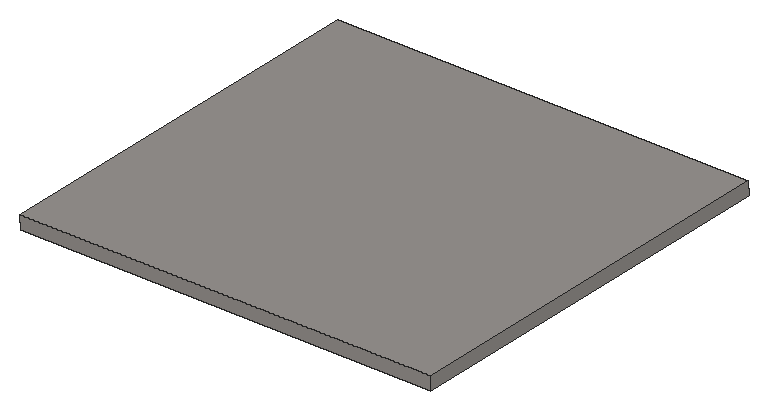
Revit family "Storage-Freestanding-Teknion-B_STR_Top for Solid-R2019", category Furniture, Revit 2019
Family settings
  OmniClass Number = 23.40.70.14.64.21
  OmniClass Title = Systems Furniture
  Work Plane-Based = Yes
  Always vertical = Yes
  Cut with Voids When Loaded = No
  Shared = Yes
  Room Calculation Point = No
Parameters (values of type "1" Thick WS")
  Worksurface Thickness = 1.01562"
  Width [instance] = 31.000"
  Warranty = "https://www.teknion.com/ca/warranty"
  Unit Weight URL = "http://www.teknion.com/pricing/expansion-casegoods/pdfs/wv.pdf"
  URL = "http://www.teknion.com/"
  Sustainability Data = "http://www.teknion.com/about-teknion/environment/datasheets.asp"
  Series = "Expansion Casegoods"  # constant formula
  Product Page URL = "https://www.teknion.com/ca/products/product-details?productlineid=0053336e-8e7a-673b-a6c8-ff00004460c4"
  Product Line = "Expansion Casegoods"  # constant formula
  Product Documentation Link = "http://www.teknion.com/pricing/Expansion-Casegoods/pdfs/B_STR_ppg.pdf"
  Part Number = "B_STR"
  Model = "BDSTR____"
  Manufacturer Phone = "416-661-3370"
  Manufacturer Fax = "416.661.4586"
  Manufacturer Contact Information = "https://www.teknion.com/contactus"
  Manufacturer Address = "1150 Flint Road, Toronto, ON. M3J 2J5. Canada"
  Manufacturer = "Teknion"  # constant formula
  Finish [instance] = Source Laminate - Teknion - DE - Latte
  Description = "Top for Solid Storage (1\" Thick Worksurface)"
  Depth [instance] = 30.000"
  Default Elevation = 48.000"
  1-9/16" WS = no
  1-3/16" WS = no
  Available Widths [instance] = if(Depth = 12.000", "24, 30, and 36 inches.", if(or(Depth = 30.000", Depth = 22.000"), "15 or 31 inches.", if(and(Depth = 18.000", [1" WS]), "15, 24, 30, 31, 36, 42, 48, 54, 60, 66, or 72 inches.", if(and(Depth = 24.000", [1" WS]), "24, 30, 36, 42, 48, 54, 60, 66, or 72 inches.", if(and(Depth = 18.000", or([1-3/16" WS], [1-9/16" WS])), "15, 24, 30, 31, 36, 42, 48, 54, 60, 66, 72, 78, or 84 inches.", "24, 30, 36, 42, 48, 54, 60, 66, 72, 78, or 84 inches.")))))  # "15 or 31 inches."
  Available Depths [instance] = "12, 18, 22, 24, 30 inches."  # constant formula
  Assembly Code = "E2020200"
  1" WS = yes
Types (3): name | Worksurface Thickness | Model | Description | 1-9/16" WS | 1-3/16" WS | 1" WS
  1" Thick WS | 1.01562" | "BDSTR____" | "Top for Solid Storage (1\" Thick Worksurface)" | no | no | yes
  1-3/6" Thick WS | 1.189" | "BMSTR____" | "Top for Solid Storage (1-3/16\" Thick Worksurface)" | no | yes | no
  1-9/16" Thick WS | 1.555" | "BXSTR____" | "Top for Solid Storage (1-9/16\" Thick Worksurface)" | yes | no | no
Reference planes (in)
  plane 1 "Center F/B": y = -6
  plane 2: z = 0
  plane 3 "Center L/R": x = 3.5
  plane 4 "Left": x = -12
  plane 5 "Right": x = 19
  plane 6 "Back": y = 9
  plane 7 "Front": y = -21
  plane 8 "Top": z = 1.3424
  plane 9 "Bottom": z = 0.32677
  plane 10: y = 8.01575
  plane 11: x = -11.01575
  plane 12: y = -20.01575
  plane 13: x = 18.01575
  plane 14: z = 0
Forms (in)
  Sweep 1, solid, material "Source Laminate - Teknion - DE - Latte" <- "Finish"
    path origin (0, -6, 0) x (1, 0, 0) y (0, 0, 1)
      loop
        line (3.5, 0.32677) -> (3.5, 1.3424)
    profile origin (3.5, -6, 0.83458) x (-1, 0, 0) y (0, -1, 0)
      loop
        line (15.5, -15) -> (15.5, 15) -> (-15.5, 15) -> (-15.5, -15) -> (15.5, -15)
  Extrusion 2, solid, material "Plastic - Teknion - E - Ebony"
    sketch origin (0, 0, 0) x (1, 0, 0) y (0, 1, 0)
      loop
        line (-11.01575, -20.01575) -> (18.01575, -20.01575) -> (18.01575, 8.01575) -> (-11.01575, 8.01575) -> (-11.01575, -20.01575)
    from 0 to 0.32677
Lines and regions (in)
  Masking region 1
    outline origin (0, 0, 1.3424) x (-1, 0, 0) y (0, -1, 0)
      loop
        line (12, -9) -> (12, 21) -> (-19, 21) -> (-19, -9) -> (12, -9)
  symbolic lines, style "FurnitureHiddenLines", detail levels medium+fine
    curve 1: line (-11.01575, 8.01575, 0) -> (-11.01575, -20.01575, 0)
    curve 2: line (-11.01575, -20.01575, 0) -> (18.01575, -20.01575, 0)
    curve 3: line (18.01575, -20.01575, 0) -> (18.01575, 8.01575, 0)
    curve 4: line (18.01575, 8.01575, 0) -> (-11.01575, 8.01575, 0)
  reference lines, not visible
    curve 5: line (-12, 9, 0) -> (19, 9, 0)
    curve 6: line (-12, 9, 0) -> (-12, -21, 0)
    curve 7: line (19, -21, 0) -> (-12, -21, 0)
    curve 8: line (19, 9, 0) -> (19, -21, 0)
Dimensions and locks (in)
  locked: plane 14 to level at 0
  equal spacing: plane 4 "Left", plane 3 "Center L/R", plane 5 "Right"
  "Width": plane 4 "Left" to plane 5 "Right"
  equal spacing: plane 6 "Back", plane 1 "Center F/B", plane 7 "Front"
  "Depth": plane 6 "Back" to plane 7 "Front"
  "Worksurface Thickness": plane 8 "Top" to plane 9 "Bottom"
  locked: plane 4 "Left" to plane 11 at 0.98425
  locked: plane 13 to plane 5 "Right" at 0.98425
  locked: plane 6 "Back" to plane 10 at 0.98425
  locked: plane 7 "Front" to plane 12 at 0.98425
  locked: plane 9 "Bottom" to plane 14 at 0.32677
  aligned and locked: level to plane 2
  aligned and locked: plane 9 "Bottom" to Sweep 1 sketch curve
  aligned and locked: plane 3 "Center L/R" to Sweep 1 sketch curve
  aligned and locked: plane 8 "Top" to Sweep 1 sketch curve
  aligned and locked: Sweep 1 sketch curve to plane 6 "Back"
  aligned and locked: Sweep 1 sketch curve to plane 4 "Left"
  aligned and locked: Sweep 1 sketch curve to plane 7 "Front"
  aligned and locked: Sweep 1 sketch curve to plane 5 "Right"
  aligned and locked: Masking region 1 sketch curve to Sweep 1  (x4)
  aligned and locked: Extrusion 2 sketch curve to plane 11
  aligned and locked: Extrusion 2 sketch curve to plane 10
  aligned and locked: Extrusion 2 sketch curve to plane 13
  aligned and locked: Extrusion 2 sketch curve to plane 12
  aligned and locked: Extrusion 2 to plane 9 "Bottom"
  aligned and locked: Extrusion 2 to plane 14
  aligned and locked: curve 5 to plane 6 "Back"
  aligned and locked: curve 6 to plane 4 "Left"
  aligned and locked: curve 7 to plane 7 "Front"
  aligned and locked: curve 8 to plane 5 "Right"
Automatic sketch dimensions
  curve 1 to plane 11 = 0.000"
  curve 3 to plane 10 = 0.000"
  curve 3 to plane 12 = 0.000"
  curve 3 to plane 13 = 0.000"
